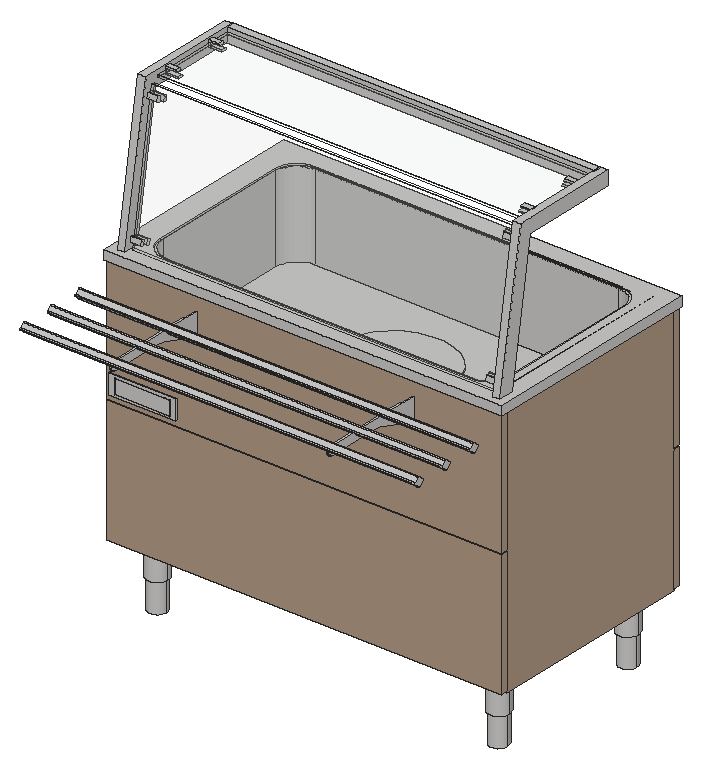
Revit family "QF_ELECTROLUXPROFESSIONAL_322094_F11C3AF01W", category Specialty Equipment, Revit 2018
Family settings
  Round Connector Dimension = Use Diameter
  Part Type = Normal
  Work Plane-Based = No
  Always vertical = Yes
  Cut with Voids When Loaded = No
  Shared = No
  Room Calculation Point = No
Parameters (values of type "Standard")
  Weight = 133.00 kg
  Watts = 0 W
  Volts = 220 V
  URL Manufacturer = "http://professional.electrolux.com"
  URL = "http://professional.electrolux.com"
  Steam Supply Size = 0 mm
  Steam Supply Minimum Pressure = 0.0 Pa
  Steam Supply Maximum Pressure = 0.0 Pa
  Steam Pounds per Hour = 0
  Show Clearance [instance] = yes
  Refrigeration Suction Line Size = 0 mm
  Refrigeration Liquid Line Size = 0 mm
  Refrigerant Compressor Remote = yes
  Manufacturer = "Electrolux Professional"
  Phase = 1
  Model = "F11C3AF01W"
  Length Actual = 1100 mm  # constant formula
  Item Number = "322094"
  Hot Water Size = 0 mm
  Height Actual = 1304 mm  # constant formula
  HP = "0 HP"
  Gas Size = 0 mm
  Gas KW = 0
  Gas Input Pressure = 0 W
  Direct Waste Size = 19.05 mm
  Description = "REFRIGERATED WELL, STATIC WITH FAN, 3GN H=900MM OVERSHELF W/LED LIGHTS"
  Depth Actual = 915 mm  # constant formula
  Cycle = 50 Hz
  Condensate Return Size = 0 mm
  Compressed Air Volume = 0.0 L/s
  Compressed Air Size = 0 mm
  Compressed Air Pressure = 0.0 Pa
  Cold Water Size = 0 mm
  Accessory = yes
Values of the unnamed type that differ from the named types
  Volts = 0 V
  URL Manufacturer = ""
  Item Number = ""
  Cycle = 0 Hz
Reference planes
  plane 1 "Centro (Fronte/Retro)": y = 74.737
  plane 2: z = 0
  plane 3 "BACK": y = 384.737
  plane 4 "FRONT": y = -235.263
  plane 5: z = 900
  plane 6 "RIGHT": x = 35.731
  plane 7 "LEFT": x = -1064.269
  plane 8: x = -514.269
  plane 9: y = 664.737
  plane 10: y = -530.02
  plane 11: z = 178
  plane 12: z = 1304
  plane 13: z = 1222
  plane 14: y = 297.737
  plane 15: y = -148.263
  plane 16: x = -986.269
  plane 17: x = -42.269
  plane 18: x = -1060.269
  plane 19: y = -231.263
  plane 20: x = 31.731
  plane 21: y = 380.737
  plane 22: z = 874
  plane 23: y = 362.737
  plane 24: y = -213.263
  plane 25: z = 182
  plane 26: z = 527
  plane 27: z = 531
  plane 28: x = -212.269
  plane 29: x = -816.269
  plane 30: x = -1042.394
  plane 31: x = 13.856
  plane 32: x = -6.144
  plane 33: x = -1022.394
  plane 34: x = -1014.269
  plane 35: x = -14.269
  plane 36: y = 130.237
  plane 37: y = 19.237
  plane 38: y = 33.237
  plane 39: y = 116.237
  plane 40: x = -952.269
  plane 41: x = -69.269
Forms (mm)
  Extrusion 1, solid, material "QF_Finishes_Wood"
    sketch origin (0, 0, 0) x (1, 0, 0) y (0, 1, 0)
      loop
        line (-1060.269, 362.737) -> (-1060.269, -213.263) -> (31.731, -213.263) -> (31.731, 362.737) -> (-1060.269, 362.737)
    from 178 to 874
  Extrusion 2, solid, material "QF_Finishes_Wood"
    sketch origin (31.731, 362.737, 0) x (0, -1, 0) y (0, 0, -1)
      loop
        line (576, -182) -> (576, -527) -> (594, -527) -> (594, -182) -> (576, -182)
      loop
        line (576, -531) -> (576, -874) -> (594, -874) -> (594, -531) -> (576, -531)
    from 0 to -1092
  Extrusion 3, solid, material "QF_Finishes_Wood"
    sketch origin (31.731, -213.263, 0) x (0, 1, 0) y (0, 0, 1)
      loop
        line (576, 531) -> (594, 531) -> (594, 874) -> (576, 874) -> (576, 531)
    from 0 to -1092
  Extrusion 4, solid, material "QF_Finishes_Stainless Steel"
    sketch origin (0, 0, 0) x (1, 0, 0) y (0, 1, 0)
      loop
        line (-1064.269, 384.737) -> (-1064.269, -235.263) -> (35.731, -235.263) -> (35.731, 384.737) -> (-1064.269, 384.737)
    from 874 to 900
  Extrusion 5, solid, material "QF_Finishes_Stainless Steel"
    sketch origin (-217.269, 362.737, 0) x (0, -1, 0) y (0, 0, -1)
      loop
        arc (628.84, -832.7) -> (632.082, -833.911) -> (635.519, -834.32) r 14.5
        line (635.519, -834.32) -> (675.715, -834.32) -> (689.858, -820.177) -> (704, -834.32) -> (770.715, -834.32) -> (784.858, -820.177) -> (799, -834.32) -> (865.716, -834.32) -> (879.858, -820.177) -> (887.686, -828.005) -> (887.686, -821.352)
        arc (887.686, -821.352) -> (887.303, -819.435) -> (886.214, -817.81) r 4.999
        line (886.214, -817.81) -> (881.179, -812.776)
        arc (881.179, -812.776) -> (879.559, -811.698) -> (877.651, -811.32) r 5
        line (877.651, -811.32) -> (732.206, -811.32)
        arc (732.206, -811.32) -> (708.662, -809.221) -> (685.86, -802.991) r 133.106
        line (685.86, -802.991) -> (638.285, -785.32) -> (597.679, -770.12) -> (594, -770.12) -> (594, -832.7) -> (628.84, -832.7)
    from 0 to 5
  Extrusion 6, void
    sketch origin (0, 0, 0) x (1, 0, 0) y (0, 1, 0)
      loop
        line (-999.269, 273.737) -> (-999.269, -124.263)
        arc (-999.269, -124.263) -> (-981.402, -167.396) -> (-938.269, -185.263) r 61
        line (-938.269, -185.263) -> (-90.269, -185.263)
        arc (-90.269, -185.263) -> (-47.135, -167.396) -> (-29.269, -124.263) r 61
        line (-29.269, -124.263) -> (-29.269, 273.737)
        arc (-29.269, 273.737) -> (-47.135, 316.871) -> (-90.269, 334.737) r 61
        line (-90.269, 334.737) -> (-938.269, 334.737)
        arc (-938.269, 334.737) -> (-981.402, 316.871) -> (-999.269, 273.737) r 61
    from 580.121 to 900
  Extrusion 7, solid, material "QF_Finishes_Wood"
    sketch origin (419.731, -213.263, -348) x (0, 1, 0) y (0, 0, 1)
      loop
        line (576, 530) -> (594, 530) -> (594, 875) -> (576, 875) -> (576, 530)
    from -388 to -658.044
  Extrusion 8, solid, material "QF_Finishes_Wood"
    sketch origin (-234.269, -213.263, -348) x (0, 1, 0) y (0, 0, 1)
      loop
        line (576, 530) -> (594, 530) -> (594, 875) -> (576, 875) -> (576, 530)
    from -548.963 to -826
  Extrusion 9, solid, material "QF_Door-Drawer Clearances", visible <- "Show Clearance"
    sketch origin (0, -4, 0) x (1, 0, 0) y (0, 1, 0)
      loop
        line (-783.232, 384.737) -> (-238.312, 384.737) -> (-710.987, 657.636)
        arc (-710.987, 657.636) -> (-765.12, 525.955) -> (-783.232, 384.737) r 544.001
    from 182 to 527
  Extrusion 10, solid, material "QF_Finishes_Stainless Steel"
    sketch origin (-816.269, 362.737, 0) x (0, -1, 0) y (0, 0, -1)
      loop
        arc (628.84, -832.7) -> (632.082, -833.911) -> (635.519, -834.32) r 14.5
        line (635.519, -834.32) -> (675.715, -834.32) -> (689.858, -820.177) -> (704, -834.32) -> (770.715, -834.32) -> (784.858, -820.177) -> (799, -834.32) -> (865.716, -834.32) -> (879.858, -820.177) -> (887.686, -828.005) -> (887.686, -821.352)
        arc (887.686, -821.352) -> (887.303, -819.435) -> (886.214, -817.81) r 4.999
        line (886.214, -817.81) -> (881.179, -812.776)
        arc (881.179, -812.776) -> (879.559, -811.698) -> (877.651, -811.32) r 5
        line (877.651, -811.32) -> (732.206, -811.32)
        arc (732.206, -811.32) -> (708.662, -809.221) -> (685.86, -802.991) r 133.106
        line (685.86, -802.991) -> (638.285, -785.32) -> (597.679, -770.12) -> (594, -770.12) -> (594, -832.7) -> (628.84, -832.7)
    from 0 to 5
  Extrusion 11, solid, material "QF_Finishes_Stainless Steel"
    sketch origin (31.731, 362.737, 0) x (0, -1, 0) y (0, 0, -1)
      loop
        line (881.983, -846.337) -> (891.875, -836.445)
        arc (891.875, -836.445) -> (892.757, -834.322) -> (891.879, -832.198) r 3
        line (891.879, -832.198) -> (881.979, -822.299)
        arc (881.979, -822.299) -> (879.858, -821.42) -> (877.737, -822.299) r 3
        line (877.737, -822.299) -> (867.837, -832.198)
        arc (867.837, -832.198) -> (866.958, -834.32) -> (867.837, -836.441) r 3
        line (867.837, -836.441) -> (877.737, -846.34)
        arc (877.737, -846.34) -> (879.86, -847.219) -> (881.983, -846.337) r 3
      loop
        line (786.979, -846.34) -> (796.879, -836.441)
        arc (796.879, -836.441) -> (797.757, -834.32) -> (796.879, -832.198) r 3
        line (796.879, -832.198) -> (786.979, -822.299)
        arc (786.979, -822.299) -> (784.858, -821.42) -> (782.737, -822.299) r 3
        line (782.737, -822.299) -> (772.837, -832.198)
        arc (772.837, -832.198) -> (771.958, -834.317) -> (772.833, -836.437) r 3
        line (772.833, -836.437) -> (782.741, -846.345)
        arc (782.741, -846.345) -> (784.861, -847.219) -> (786.979, -846.34) r 3
      loop
        line (691.976, -846.343) -> (701.882, -836.438)
        arc (701.882, -836.438) -> (702.757, -834.318) -> (701.879, -832.198) r 3
        line (701.879, -832.198) -> (691.979, -822.299)
        arc (691.979, -822.299) -> (689.858, -821.42) -> (687.737, -822.299) r 3
        line (687.737, -822.299) -> (677.837, -832.198)
        arc (677.837, -832.198) -> (676.958, -834.32) -> (677.837, -836.441) r 3
        line (677.837, -836.441) -> (687.737, -846.34)
        arc (687.737, -846.34) -> (689.856, -847.219) -> (691.976, -846.343) r 3
    from 0 to -1092
  Extrusion 12, solid, material "QF_Finishes_Stainless Steel"
    sketch origin (31.731, 362.737, 0) x (0, -1, 0) y (0, 0, -1)
      loop
        line (206.477, -1264.379) -> (206.477, -1304) -> (507.108, -1304) -> (578.344, -900) -> (537.727, -900) -> (473.477, -1264.379) -> (206.477, -1264.379)
    from -17.875 to -37.875
  Extrusion 13, solid, material "QF_Finishes_Stainless Steel"
    sketch origin (-895.269, 362.737, 0) x (0, -1, 0) y (0, 0, 1)
      loop
        line (206.477, 1264.379) -> (473.477, 1264.379) -> (537.727, 900) -> (578.344, 900) -> (507.108, 1304) -> (206.477, 1304) -> (206.477, 1264.379)
    from 147.125 to 127.125
  Extrusion 14, solid, material "QF_Finishes_Glass"
    sketch origin (-133.269, -231.263, 531) x (0, 0, 1) y (-1, 0, 0)
      loop
        line (757.879, -119) -> (765.879, -119) -> (765.879, 881) -> (757.879, 881) -> (757.879, -119)
    from -361.5 to -120.204
  Extrusion 15, solid, material "QF_Finishes_Stainless Steel"
    sketch origin (0, 0, 0) x (1, 0, 0) y (0, 1, 0)
      loop
        line (-1022.394, 156.26) -> (-1022.394, 136.26) -> (-6.144, 136.26) -> (-6.144, 156.26) -> (-1022.394, 156.26)
    from 1264.379 to 1304
  Extrusion 16, solid, material "QF_Finishes_Glass"
    sketch origin (-133.269, 362.737, 0) x (0, -1, 0) y (0, 0, -1)
      loop
        line (494.569, -1282.974) -> (562.097, -900) -> (553.974, -900) -> (486.445, -1282.974) -> (494.569, -1282.974)
    from 119 to -881
  Extrusion 17, solid, material "QF_Finishes_Wood"
    sketch origin (314.688, -213.263, -348) x (0, 1, 0) y (0, 0, 1)
      loop
        line (576, 530) -> (594, 530) -> (594, 875) -> (576, 875) -> (576, 530)
    from -553 to -1097.92
  Extrusion 18, solid, material "QF_Finishes_Stainless Steel"
    sketch origin (-283.269, -64.263, 531) x (0, 0, 1) y (-1, 0, 0)
      loop
        line (765.879, 706.5) -> (770.879, 708.5) -> (770.879, 739.125) -> (750.879, 739.125) -> (750.879, 731) -> (751.974, 731) -> (751.974, 700.938) -> (755.879, 702.5) -> (755.879, 732) -> (765.879, 732) -> (765.879, 706.5)
    from 0 to 14
  Extrusion 19, solid, material "QF_Finishes_Stainless Steel"
    sketch origin (-283.269, 85.737, 531) x (0, 0, 1) y (-1, 0, 0)
      loop
        line (765.879, 706.5) -> (770.879, 708.5) -> (770.879, 739.125) -> (750.879, 739.125) -> (750.879, 731) -> (751.974, 731) -> (751.974, 700.938) -> (755.879, 702.5) -> (755.879, 732) -> (765.879, 732) -> (765.879, 706.5)
    from 0 to 14
  Extrusion 20, solid, material "QF_Finishes_Stainless Steel"
    sketch origin (-745.269, -64.263, 531) x (0, 0, 1) y (-1, 0, 0)
      loop
        line (765.879, -706.5) -> (765.879, -732) -> (755.879, -732) -> (755.879, -702.5) -> (751.974, -700.938) -> (751.974, -731) -> (750.879, -731) -> (750.879, -739.125) -> (770.879, -739.125) -> (770.879, -708.5) -> (765.879, -706.5)
    from 0 to 14
  Extrusion 21, solid, material "QF_Finishes_Stainless Steel"
    sketch origin (-745.269, 85.737, 531) x (0, 0, 1) y (-1, 0, 0)
      loop
        line (765.879, -706.5) -> (765.879, -732) -> (755.879, -732) -> (755.879, -702.5) -> (751.974, -700.938) -> (751.974, -731) -> (750.879, -731) -> (750.879, -739.125) -> (770.879, -739.125) -> (770.879, -708.5) -> (765.879, -706.5)
    from 0 to 14
  Extrusion 22, solid, material "QF_Finishes_Stainless Steel"
    sketch origin (-745.269, 619.458, 1129.907) x (0, -0.984808, 0.173648) y (-1, 0, 0)
      loop
        line (765.879, -706.5) -> (765.879, -732) -> (755.879, -732) -> (755.879, -702.5) -> (751.974, -700.938) -> (751.974, -731) -> (750.879, -731) -> (750.879, -739.125) -> (770.879, -739.125) -> (770.879, -708.5) -> (765.879, -706.5)
    from 0 to 14
  Extrusion 23, solid, material "QF_Finishes_Stainless Steel"
    sketch origin (-283.269, 619.458, 1129.907) x (0, -0.984808, 0.173648) y (-1, 0, 0)
      loop
        line (765.879, 706.5) -> (770.879, 708.5) -> (770.879, 739.125) -> (750.879, 739.125) -> (750.879, 731) -> (751.974, 731) -> (751.974, 700.938) -> (755.879, 702.5) -> (755.879, 732) -> (765.879, 732) -> (765.879, 706.5)
    from 0 to 14
  Extrusion 24, solid, material "QF_Finishes_Stainless Steel"
    sketch origin (-745.269, 562.154, 799.389) x (0, -0.984808, 0.173648) y (-1, 0, 0)
      loop
        line (765.879, -706.5) -> (765.879, -732) -> (755.879, -732) -> (755.879, -702.5) -> (751.974, -700.938) -> (751.974, -731) -> (750.879, -731) -> (750.879, -739.125) -> (770.879, -739.125) -> (770.879, -708.5) -> (765.879, -706.5)
    from 0 to 14
  Extrusion 25, solid, material "QF_Finishes_Stainless Steel"
    sketch origin (-283.269, 562.154, 799.389) x (0, -0.984808, 0.173648) y (-1, 0, 0)
      loop
        line (765.879, 706.5) -> (770.879, 708.5) -> (770.879, 739.125) -> (750.879, 739.125) -> (750.879, 731) -> (751.974, 731) -> (751.974, 700.938) -> (755.879, 702.5) -> (755.879, 732) -> (765.879, 732) -> (765.879, 706.5)
    from 0 to 14
  Extrusion 26, solid, material "QF_Finishes_Stainless Steel"
    sketch origin (-1193.537, 0, 0) x (-1, 0, 0) y (0, -1, 0)
      loop
        circle (-196.269, -124.737) r 10
    from 178 to 166
  Extrusion 27, solid, material "QF_Finishes_Stainless Steel"
    sketch origin (-1193.537, 149.474, 0) x (-1, 0, 0) y (0, -1, 0)
      loop
        circle (-196.269, 124.737) r 10
    from 178 to 166
Cuts and joins
  Extrusion 6 cuts Extrusion 1
  Extrusion 6 cuts Extrusion 4
Lines and regions (mm)
  symbolic lines
    curve 1: line (35.731, 384.737, 0) -> (35.731, -235.263, 0)
    curve 2: line (-1064.269, -235.263, 0) -> (-1064.269, 384.737, 0)
    curve 3: line (-1064.269, 384.737, 0) -> (35.731, 384.737, 0)
    curve 4: line (-1064.269, -235.263, 0) -> (35.731, -235.263, 0)
    curve 5: line (-14.269, -64.263, 0) -> (-14.269, 71.737, 0)
    curve 6: line (-1014.269, 71.737, 0) -> (-1014.269, -64.263, 0)
    curve 7: line (-1042.394, 156.26, 0) -> (13.856, 156.26, 0)
    curve 8: line (13.856, 156.26, 0) -> (13.856, -215.607, 0)
    curve 9: line (13.856, -215.607, 0) -> (-6.144, -215.607, 0)
    curve 10: line (-6.144, -215.607, 0) -> (-6.144, 156.26, 0)
    curve 11: line (-6.144, 136.26, 0) -> (-1022.394, 136.26, 0)
    curve 12: line (-1022.394, 156.26, 0) -> (-1022.394, -215.607, 0)
    curve 13: line (-1022.394, -215.607, 0) -> (-1042.394, -215.607, 0)
    curve 14: line (-1042.394, -215.607, 0) -> (-1042.394, 156.26, 0)
    curve 15: line (-1042.394, -144.371, 0) -> (-1022.394, -144.371, 0)
    curve 16: line (-6.144, -144.371, 0) -> (13.856, -144.371, 0)
    curve 17: line (-1014.269, 130.237, 0) -> (-1014.269, 85.737, 0)
    curve 18: line (-1014.269, 130.237, 0) -> (-14.269, 130.237, 0)
    curve 19: line (-14.269, 130.237, 0) -> (-14.269, 85.737, 0)
    curve 20: line (-14.269, -78.263, 0) -> (-14.269, -111.059, 0)
    curve 21: line (-6.144, 85.737, 0) -> (-44.331, 85.737, 0)
    curve 22: line (-44.331, 85.737, 0) -> (-44.331, 71.737, 0)
    curve 23: line (-44.331, 71.737, 0) -> (-6.144, 71.737, 0)
    curve 24: line (-6.144, -64.263, 0) -> (-44.331, -64.263, 0)
    curve 25: line (-44.331, -64.263, 0) -> (-44.331, -78.263, 0)
    curve 26: line (-44.331, -78.263, 0) -> (-6.144, -78.263, 0)
    curve 27: line (-1022.394, -64.263, 0) -> (-989.769, -64.263, 0)
    curve 28: line (-989.769, -64.263, 0) -> (-989.769, -78.263, 0)
    curve 29: line (-989.769, -78.263, 0) -> (-1022.394, -78.263, 0)
    curve 30: line (-1022.394, 85.737, 0) -> (-989.769, 85.737, 0)
    curve 31: line (-989.769, 85.737, 0) -> (-989.769, 71.737, 0)
    curve 32: line (-989.769, 71.737, 0) -> (-1022.394, 71.737, 0)
    curve 33: line (-1022.394, -142.14, 0) -> (-991.769, -142.14, 0)
    curve 34: line (-991.769, -142.14, 0) -> (-991.769, -139.709, 0)
    curve 35: line (-991.769, -139.709, 0) -> (-1022.394, -139.709, 0)
    curve 36: line (-991.769, -142.14, 0) -> (-989.769, -137.216, 0)
    curve 37: line (-1015.269, -134.785, 0) -> (-989.769, -134.785, 0)
    curve 38: line (-1015.269, -134.785, 0) -> (-1015.269, -124.937, 0)
    curve 39: line (-1015.269, -124.937, 0) -> (-1014.269, -124.937, 0)
    curve 40: line (-1015.269, -127.368, 0) -> (-1014.269, -127.368, 0)
    curve 41: line (-1022.394, -120.013, 0) -> (-1014.269, -120.013, 0)
    curve 42: line (-1014.269, -120.013, 0) -> (-1014.269, -121.091, 0)
    curve 43: line (-984.207, -121.091, 0) -> (-984.207, -123.708, 0)
    curve 44: line (-984.207, -121.091, 0) -> (-985.269, -123.708, 0)
    curve 45: line (-991.769, -139.709, 0) -> (-989.769, -134.785, 0)
    curve 46: line (-989.769, -134.785, 0) -> (-989.769, -137.216, 0)
    curve 47: line (-1014.269, -123.708, 0) -> (-1014.269, -134.785, 0)
    curve 48: line (-14.269, -131.831, 0) -> (-14.269, -123.708, 0)
    curve 49: line (-14.269, -123.708, 0) -> (-1014.269, -123.708, 0)
    curve 50: line (-6.144, -142.14, 0) -> (-36.769, -142.14, 0)
    curve 51: line (-36.769, -142.14, 0) -> (-36.769, -139.709, 0)
    curve 52: line (-36.769, -139.709, 0) -> (-6.144, -139.709, 0)
    curve 53: line (-36.769, -142.14, 0) -> (-38.769, -137.216, 0)
    curve 54: line (-13.269, -134.785, 0) -> (-38.769, -134.785, 0)
    curve 55: line (-13.269, -134.785, 0) -> (-13.269, -124.937, 0)
    curve 56: line (-13.269, -124.937, 0) -> (-14.269, -124.937, 0)
    curve 57: line (-13.269, -127.368, 0) -> (-14.269, -127.368, 0)
    curve 58: line (-6.144, -120.013, 0) -> (-14.269, -120.013, 0)
    curve 59: line (-14.269, -120.013, 0) -> (-14.269, -121.091, 0)
    curve 60: line (-44.331, -121.091, 0) -> (-44.331, -123.708, 0)
    curve 61: line (-44.331, -121.091, 0) -> (-43.268, -123.708, 0)
    curve 62: line (-36.769, -139.709, 0) -> (-38.769, -134.785, 0)
    curve 63: line (-38.769, -134.785, 0) -> (-38.769, -137.216, 0)
    curve 64: line (-14.269, -123.708, 0) -> (-14.269, -134.785, 0)
    curve 65: line (-1014.269, -142.14, 0) -> (-1014.269, -192.089, 0)
    curve 66: line (-1014.269, -177.317, 0) -> (-1022.394, -177.317, 0)
    curve 67: line (-1014.269, -182.241, 0) -> (-1015.269, -182.241, 0)
    curve 68: line (-1015.269, -184.672, 0) -> (-1014.269, -184.672, 0)
    curve 69: line (-1015.269, -182.241, 0) -> (-1015.269, -192.089, 0)
    curve 70: line (-1015.269, -192.089, 0) -> (-989.779, -192.089, 0)
    curve 71: line (-991.769, -197.013, 0) -> (-989.779, -192.089, 0)
    curve 72: line (-989.779, -192.089, 0) -> (-989.779, -194.52, 0)
    curve 73: line (-991.769, -199.444, 0) -> (-989.779, -194.52, 0)
    curve 74: line (-991.769, -197.013, 0) -> (-991.769, -199.444, 0)
    curve 75: line (-1022.394, -199.444, 0) -> (-991.769, -199.444, 0)
    curve 76: line (-991.769, -197.013, 0) -> (-1022.394, -197.013, 0)
    curve 77: line (-14.269, -177.317, 0) -> (-6.144, -177.317, 0)
    curve 78: line (-14.269, -182.241, 0) -> (-13.269, -182.241, 0)
    curve 79: line (-13.269, -184.672, 0) -> (-14.269, -184.672, 0)
    curve 80: line (-13.269, -182.241, 0) -> (-13.269, -192.089, 0)
    curve 81: line (-13.269, -192.089, 0) -> (-38.758, -192.089, 0)
    curve 82: line (-36.769, -197.013, 0) -> (-38.758, -192.089, 0)
    curve 83: line (-38.758, -192.089, 0) -> (-38.758, -194.52, 0)
    curve 84: line (-36.769, -199.444, 0) -> (-38.758, -194.52, 0)
    curve 85: line (-36.769, -197.013, 0) -> (-36.769, -199.444, 0)
    curve 86: line (-6.144, -199.444, 0) -> (-36.769, -199.444, 0)
    curve 87: line (-36.769, -197.013, 0) -> (-6.144, -197.013, 0)
    curve 88: line (-991.735, -199.36, 0) -> (-36.803, -199.36, 0)
    curve 89: line (-1014.269, -78.263, 0) -> (-1014.269, -111.059, 0)
    curve 90: line (-1014.269, -111.059, 0) -> (-14.269, -111.059, 0)
    curve 91: line (-1014.269, -131.831, 0) -> (-14.269, -131.831, 0)
    curve 92: line (-14.269, -142.14, 0) -> (-14.269, -192.089, 0)
    curve 93: line (-44.331, -121.091, 0) -> (-14.269, -121.091, 0)
    curve 94: line (-1014.269, -121.091, 0) -> (-984.207, -121.091, 0)
    curve 95: line (-34.269, 136.26, 0) -> (-34.269, 130.237, 0)
    curve 96: line (-29.269, 136.26, 0) -> (-29.269, 130.237, 0)
    curve 97: line (-999.269, 136.26, 0) -> (-999.269, 130.237, 0)
    curve 98: line (-994.269, 130.237, 0) -> (-994.269, 136.26, 0)
    curve 102: line (-1064.269, -235.263, 0) -> (-1064.269, -530.02, 0)
    curve 103: line (-1064.269, -530.02, 0) -> (35.731, -530.02, 0)
    curve 104: line (35.731, -530.02, 0) -> (35.731, -235.263, 0)
    curve 115: arc (-511.375, 74.737, 900) -> (-514.375, 71.737, 900) -> (-517.375, 74.737, 900) r 3
    curve 116: arc (-517.375, 74.737, 900) -> (-514.375, 77.737, 900) -> (-511.375, 74.737, 900) r 3
    curve 117: arc (-511.375, 54.737, 900) -> (-514.375, 51.737, 900) -> (-517.375, 54.737, 900) r 3
    curve 118: arc (-517.375, 54.737, 900) -> (-514.375, 57.737, 900) -> (-511.375, 54.737, 900) r 3
    curve 119: arc (-511.375, 34.737, 900) -> (-514.375, 31.737, 900) -> (-517.375, 34.737, 900) r 3
    curve 120: arc (-517.375, 34.737, 900) -> (-514.375, 37.737, 900) -> (-511.375, 34.737, 900) r 3
    curve 121: arc (-511.375, 14.737, 900) -> (-514.375, 11.737, 900) -> (-517.375, 14.737, 900) r 3
    curve 122: arc (-517.375, 14.737, 900) -> (-514.375, 17.737, 900) -> (-511.375, 14.737, 900) r 3
    curve 123: arc (-525.504, 15.416, 900) -> (-528.504, 12.416, 900) -> (-531.504, 15.416, 900) r 3
    curve 124: arc (-531.504, 15.416, 900) -> (-528.504, 18.416, 900) -> (-525.504, 15.416, 900) r 3
    curve 125: arc (-521.795, 34.792, 900) -> (-524.795, 31.792, 900) -> (-527.795, 34.792, 900) r 3
    curve 126: arc (-527.795, 34.792, 900) -> (-524.795, 37.792, 900) -> (-521.795, 34.792, 900) r 3
    curve 127: arc (-525.029, 56.259, 900) -> (-522.029, 59.259, 900) -> (-519.029, 56.259, 900) r 3
    curve 128: arc (-519.029, 56.259, 900) -> (-522.029, 53.259, 900) -> (-525.029, 56.259, 900) r 3
    curve 129: arc (-531.517, 60.595, 900) -> (-528.517, 63.595, 900) -> (-525.517, 60.595, 900) r 3
    curve 130: arc (-525.517, 60.595, 900) -> (-528.517, 57.595, 900) -> (-531.517, 60.595, 900) r 3
    curve 131: arc (-545.659, 46.453, 900) -> (-542.659, 49.453, 900) -> (-539.659, 46.453, 900) r 3
    curve 132: arc (-539.659, 46.453, 900) -> (-542.659, 43.453, 900) -> (-545.659, 46.453, 900) r 3
    curve 133: arc (-537.463, 38.203, 900) -> (-534.463, 41.203, 900) -> (-531.463, 38.203, 900) r 3
    curve 134: arc (-531.463, 38.203, 900) -> (-534.463, 35.203, 900) -> (-537.463, 38.203, 900) r 3
    curve 135: arc (-545.258, 19.785, 900) -> (-542.258, 22.785, 900) -> (-539.258, 19.785, 900) r 3
    curve 136: arc (-539.258, 19.785, 900) -> (-542.258, 16.785, 900) -> (-545.258, 19.785, 900) r 3
    curve 137: arc (-570.696, 60.608, 900) -> (-573.696, 57.608, 900) -> (-576.696, 60.608, 900) r 3
    curve 138: arc (-576.696, 60.608, 900) -> (-573.696, 63.608, 900) -> (-570.696, 60.608, 900) r 3
    curve 139: arc (-572.327, 46.854, 900) -> (-569.327, 49.854, 900) -> (-566.327, 46.854, 900) r 3
    curve 140: arc (-566.327, 46.854, 900) -> (-569.327, 43.854, 900) -> (-572.327, 46.854, 900) r 3
    curve 141: arc (-564.827, 36.943, 900) -> (-561.827, 39.943, 900) -> (-558.827, 36.943, 900) r 3
    curve 142: arc (-558.827, 36.943, 900) -> (-561.827, 33.943, 900) -> (-564.827, 36.943, 900) r 3
    curve 143: arc (-555.659, 29.132, 900) -> (-552.659, 32.132, 900) -> (-549.659, 29.132, 900) r 3
    curve 144: arc (-549.659, 29.132, 900) -> (-552.659, 26.132, 900) -> (-555.659, 29.132, 900) r 3
    curve 145: arc (-557.32, 64.317, 900) -> (-554.32, 67.317, 900) -> (-551.32, 64.317, 900) r 3
    curve 146: arc (-551.32, 64.317, 900) -> (-554.32, 61.317, 900) -> (-557.32, 64.317, 900) r 3
    curve 147: arc (-553.909, 54.649, 900) -> (-550.909, 57.649, 900) -> (-547.909, 54.649, 900) r 3
    curve 148: arc (-547.909, 54.649, 900) -> (-550.909, 51.649, 900) -> (-553.909, 54.649, 900) r 3
    curve 149: arc (-529.852, 67.083, 900) -> (-532.852, 64.083, 900) -> (-535.852, 67.083, 900) r 3
    curve 150: arc (-535.852, 67.083, 900) -> (-532.852, 70.083, 900) -> (-529.852, 67.083, 900) r 3
    curve 151: arc (-537.375, 74.737, 900) -> (-534.375, 77.737, 900) -> (-531.375, 74.737, 900) r 3
    curve 152: arc (-531.375, 74.737, 900) -> (-534.375, 71.737, 900) -> (-537.375, 74.737, 900) r 3
    curve 153: arc (-557.375, 74.737, 900) -> (-554.375, 77.737, 900) -> (-551.375, 74.737, 900) r 3
    curve 154: arc (-551.375, 74.737, 900) -> (-554.375, 71.737, 900) -> (-557.375, 74.737, 900) r 3
    curve 155: arc (-577.375, 74.737, 900) -> (-574.375, 77.737, 900) -> (-571.375, 74.737, 900) r 3
    curve 156: arc (-571.375, 74.737, 900) -> (-574.375, 71.737, 900) -> (-577.375, 74.737, 900) r 3
    curve 157: arc (-525.504, 134.058, 900) -> (-528.504, 137.058, 900) -> (-531.504, 134.058, 900) r 3
    curve 158: arc (-531.504, 134.058, 900) -> (-528.504, 131.058, 900) -> (-525.504, 134.058, 900) r 3
    curve 159: arc (-521.795, 114.682, 900) -> (-524.795, 117.682, 900) -> (-527.795, 114.682, 900) r 3
    curve 160: arc (-527.795, 114.682, 900) -> (-524.795, 111.682, 900) -> (-521.795, 114.682, 900) r 3
    curve 161: arc (-525.029, 93.215, 900) -> (-522.029, 90.215, 900) -> (-519.029, 93.215, 900) r 3
    curve 162: arc (-519.029, 93.215, 900) -> (-522.029, 96.215, 900) -> (-525.029, 93.215, 900) r 3
    curve 163: arc (-531.517, 88.879, 900) -> (-528.517, 85.879, 900) -> (-525.517, 88.879, 900) r 3
    curve 164: arc (-525.517, 88.879, 900) -> (-528.517, 91.879, 900) -> (-531.517, 88.879, 900) r 3
    curve 165: arc (-545.659, 103.021, 900) -> (-542.659, 100.021, 900) -> (-539.659, 103.021, 900) r 3
    curve 166: arc (-539.659, 103.021, 900) -> (-542.659, 106.021, 900) -> (-545.659, 103.021, 900) r 3
    curve 167: arc (-537.463, 111.271, 900) -> (-534.463, 108.271, 900) -> (-531.463, 111.271, 900) r 3
    curve 168: arc (-531.463, 111.271, 900) -> (-534.463, 114.271, 900) -> (-537.463, 111.271, 900) r 3
    curve 169: arc (-545.258, 129.69, 900) -> (-542.258, 126.69, 900) -> (-539.258, 129.69, 900) r 3
    curve 170: arc (-539.258, 129.69, 900) -> (-542.258, 132.69, 900) -> (-545.258, 129.69, 900) r 3
    curve 171: arc (-570.696, 88.866, 900) -> (-573.696, 91.866, 900) -> (-576.696, 88.866, 900) r 3
    curve 172: arc (-576.696, 88.866, 900) -> (-573.696, 85.866, 900) -> (-570.696, 88.866, 900) r 3
    curve 173: arc (-572.327, 102.621, 900) -> (-569.327, 99.621, 900) -> (-566.327, 102.621, 900) r 3
    curve 174: arc (-566.327, 102.621, 900) -> (-569.327, 105.621, 900) -> (-572.327, 102.621, 900) r 3
    curve 175: arc (-564.827, 112.531, 900) -> (-561.827, 109.531, 900) -> (-558.827, 112.531, 900) r 3
    curve 176: arc (-558.827, 112.531, 900) -> (-561.827, 115.531, 900) -> (-564.827, 112.531, 900) r 3
    curve 177: arc (-555.659, 120.342, 900) -> (-552.659, 117.342, 900) -> (-549.659, 120.342, 900) r 3
    curve 178: arc (-549.659, 120.342, 900) -> (-552.659, 123.342, 900) -> (-555.659, 120.342, 900) r 3
    curve 179: arc (-557.32, 85.157, 900) -> (-554.32, 82.157, 900) -> (-551.32, 85.157, 900) r 3
    curve 180: arc (-551.32, 85.157, 900) -> (-554.32, 88.157, 900) -> (-557.32, 85.157, 900) r 3
    curve 181: arc (-553.909, 94.825, 900) -> (-550.909, 91.825, 900) -> (-547.909, 94.825, 900) r 3
    curve 182: arc (-547.909, 94.825, 900) -> (-550.909, 97.825, 900) -> (-553.909, 94.825, 900) r 3
    curve 183: arc (-529.852, 82.391, 900) -> (-532.852, 85.391, 900) -> (-535.852, 82.391, 900) r 3
    curve 184: arc (-535.852, 82.391, 900) -> (-532.852, 79.391, 900) -> (-529.852, 82.391, 900) r 3
    curve 185: arc (-511.375, 94.737, 900) -> (-514.375, 97.737, 900) -> (-517.375, 94.737, 900) r 3
    curve 186: arc (-517.375, 94.737, 900) -> (-514.375, 91.737, 900) -> (-511.375, 94.737, 900) r 3
    curve 187: arc (-511.375, 114.737, 900) -> (-514.375, 117.737, 900) -> (-517.375, 114.737, 900) r 3
    curve 188: arc (-517.375, 114.737, 900) -> (-514.375, 111.737, 900) -> (-511.375, 114.737, 900) r 3
    curve 189: arc (-511.375, 134.737, 900) -> (-514.375, 137.737, 900) -> (-517.375, 134.737, 900) r 3
    curve 190: arc (-517.375, 134.737, 900) -> (-514.375, 131.737, 900) -> (-511.375, 134.737, 900) r 3
    curve 191: arc (-503.246, 15.416, 900) -> (-500.246, 12.416, 900) -> (-497.246, 15.416, 900) r 3
    curve 192: arc (-497.246, 15.416, 900) -> (-500.246, 18.416, 900) -> (-503.246, 15.416, 900) r 3
    curve 193: arc (-506.955, 34.792, 900) -> (-503.955, 31.792, 900) -> (-500.955, 34.792, 900) r 3
    curve 194: arc (-500.955, 34.792, 900) -> (-503.955, 37.792, 900) -> (-506.955, 34.792, 900) r 3
    curve 195: arc (-503.721, 56.259, 900) -> (-506.721, 59.259, 900) -> (-509.721, 56.259, 900) r 3
    curve 196: arc (-509.721, 56.259, 900) -> (-506.721, 53.259, 900) -> (-503.721, 56.259, 900) r 3
    curve 197: arc (-497.233, 60.595, 900) -> (-500.233, 63.595, 900) -> (-503.233, 60.595, 900) r 3
    curve 198: arc (-503.233, 60.595, 900) -> (-500.233, 57.595, 900) -> (-497.233, 60.595, 900) r 3
    curve 199: arc (-483.091, 46.453, 900) -> (-486.091, 49.453, 900) -> (-489.091, 46.453, 900) r 3
    curve 200: arc (-489.091, 46.453, 900) -> (-486.091, 43.453, 900) -> (-483.091, 46.453, 900) r 3
    curve 201: arc (-491.287, 38.203, 900) -> (-494.287, 41.203, 900) -> (-497.287, 38.203, 900) r 3
    curve 202: arc (-497.287, 38.203, 900) -> (-494.287, 35.203, 900) -> (-491.287, 38.203, 900) r 3
    curve 203: arc (-483.491, 19.785, 900) -> (-486.491, 22.785, 900) -> (-489.491, 19.785, 900) r 3
    curve 204: arc (-489.491, 19.785, 900) -> (-486.491, 16.785, 900) -> (-483.491, 19.785, 900) r 3
    curve 205: arc (-458.054, 60.608, 900) -> (-455.054, 57.608, 900) -> (-452.054, 60.608, 900) r 3
    curve 206: arc (-452.054, 60.608, 900) -> (-455.054, 63.608, 900) -> (-458.054, 60.608, 900) r 3
    curve 207: arc (-456.422, 46.854, 900) -> (-459.422, 49.854, 900) -> (-462.422, 46.854, 900) r 3
    curve 208: arc (-462.422, 46.854, 900) -> (-459.422, 43.854, 900) -> (-456.422, 46.854, 900) r 3
    curve 209: arc (-463.922, 36.943, 900) -> (-466.922, 39.943, 900) -> (-469.922, 36.943, 900) r 3
    curve 210: arc (-469.922, 36.943, 900) -> (-466.922, 33.943, 900) -> (-463.922, 36.943, 900) r 3
    curve 211: arc (-473.091, 29.132, 900) -> (-476.091, 32.132, 900) -> (-479.091, 29.132, 900) r 3
    curve 212: arc (-479.091, 29.132, 900) -> (-476.091, 26.132, 900) -> (-473.091, 29.132, 900) r 3
    curve 213: arc (-471.43, 64.317, 900) -> (-474.43, 67.317, 900) -> (-477.43, 64.317, 900) r 3
    curve 214: arc (-477.43, 64.317, 900) -> (-474.43, 61.317, 900) -> (-471.43, 64.317, 900) r 3
    curve 215: arc (-474.841, 54.649, 900) -> (-477.841, 57.649, 900) -> (-480.841, 54.649, 900) r 3
    curve 216: arc (-480.841, 54.649, 900) -> (-477.841, 51.649, 900) -> (-474.841, 54.649, 900) r 3
    curve 217: arc (-498.897, 67.083, 900) -> (-495.897, 64.083, 900) -> (-492.897, 67.083, 900) r 3
    curve 218: arc (-492.897, 67.083, 900) -> (-495.897, 70.083, 900) -> (-498.897, 67.083, 900) r 3
    curve 219: arc (-491.375, 74.737, 900) -> (-494.375, 77.737, 900) -> (-497.375, 74.737, 900) r 3
    curve 220: arc (-497.375, 74.737, 900) -> (-494.375, 71.737, 900) -> (-491.375, 74.737, 900) r 3
    curve 221: arc (-471.375, 74.737, 900) -> (-474.375, 77.737, 900) -> (-477.375, 74.737, 900) r 3
    curve 222: arc (-477.375, 74.737, 900) -> (-474.375, 71.737, 900) -> (-471.375, 74.737, 900) r 3
    curve 223: arc (-451.375, 74.737, 900) -> (-454.375, 77.737, 900) -> (-457.375, 74.737, 900) r 3
    curve 224: arc (-457.375, 74.737, 900) -> (-454.375, 71.737, 900) -> (-451.375, 74.737, 900) r 3
    curve 225: arc (-503.246, 134.058, 900) -> (-500.246, 137.058, 900) -> (-497.246, 134.058, 900) r 3
    curve 226: arc (-497.246, 134.058, 900) -> (-500.246, 131.058, 900) -> (-503.246, 134.058, 900) r 3
    curve 227: arc (-506.955, 114.682, 900) -> (-503.955, 117.682, 900) -> (-500.955, 114.682, 900) r 3
    curve 228: arc (-500.955, 114.682, 900) -> (-503.955, 111.682, 900) -> (-506.955, 114.682, 900) r 3
    curve 229: arc (-503.721, 93.215, 900) -> (-506.721, 90.215, 900) -> (-509.721, 93.215, 900) r 3
    curve 230: arc (-509.721, 93.215, 900) -> (-506.721, 96.215, 900) -> (-503.721, 93.215, 900) r 3
    curve 231: arc (-497.233, 88.879, 900) -> (-500.233, 85.879, 900) -> (-503.233, 88.879, 900) r 3
    curve 232: arc (-503.233, 88.879, 900) -> (-500.233, 91.879, 900) -> (-497.233, 88.879, 900) r 3
    curve 233: arc (-483.091, 103.021, 900) -> (-486.091, 100.021, 900) -> (-489.091, 103.021, 900) r 3
    curve 234: arc (-489.091, 103.021, 900) -> (-486.091, 106.021, 900) -> (-483.091, 103.021, 900) r 3
    curve 235: arc (-491.287, 111.271, 900) -> (-494.287, 108.271, 900) -> (-497.287, 111.271, 900) r 3
    curve 236: arc (-497.287, 111.271, 900) -> (-494.287, 114.271, 900) -> (-491.287, 111.271, 900) r 3
    curve 237: arc (-483.491, 129.69, 900) -> (-486.491, 126.69, 900) -> (-489.491, 129.69, 900) r 3
    curve 238: arc (-489.491, 129.69, 900) -> (-486.491, 132.69, 900) -> (-483.491, 129.69, 900) r 3
    curve 239: arc (-458.054, 88.866, 900) -> (-455.054, 91.866, 900) -> (-452.054, 88.866, 900) r 3
    curve 240: arc (-452.054, 88.866, 900) -> (-455.054, 85.866, 900) -> (-458.054, 88.866, 900) r 3
    curve 241: arc (-456.422, 102.621, 900) -> (-459.422, 99.621, 900) -> (-462.422, 102.621, 900) r 3
    curve 242: arc (-462.422, 102.621, 900) -> (-459.422, 105.621, 900) -> (-456.422, 102.621, 900) r 3
    curve 243: arc (-463.922, 112.531, 900) -> (-466.922, 109.531, 900) -> (-469.922, 112.531, 900) r 3
    curve 244: arc (-469.922, 112.531, 900) -> (-466.922, 115.531, 900) -> (-463.922, 112.531, 900) r 3
    curve 245: arc (-473.091, 120.342, 900) -> (-476.091, 117.342, 900) -> (-479.091, 120.342, 900) r 3
    curve 246: arc (-479.091, 120.342, 900) -> (-476.091, 123.342, 900) -> (-473.091, 120.342, 900) r 3
    curve 247: arc (-471.43, 85.157, 900) -> (-474.43, 82.157, 900) -> (-477.43, 85.157, 900) r 3
    curve 248: arc (-477.43, 85.157, 900) -> (-474.43, 88.157, 900) -> (-471.43, 85.157, 900) r 3
    curve 249: arc (-474.841, 94.825, 900) -> (-477.841, 91.825, 900) -> (-480.841, 94.825, 900) r 3
    curve 250: arc (-480.841, 94.825, 900) -> (-477.841, 97.825, 900) -> (-474.841, 94.825, 900) r 3
    curve 251: arc (-498.897, 82.391, 900) -> (-495.897, 85.391, 900) -> (-492.897, 82.391, 900) r 3
    curve 252: arc (-492.897, 82.391, 900) -> (-495.897, 79.391, 900) -> (-498.897, 82.391, 900) r 3
  symbolic lines, style "QF_Door-Drawer Clearances"
    curve 99: line (-245.24, 384.737, 0) -> (-710.987, 653.636, 0)
    curve 100: arc (-710.987, 653.636, 0) -> (-764.605, 523.887, 0) -> (-783.232, 384.737, 0) r 544.001
    curve 101: line (-285.24, 384.737, 0) -> (-720.987, 636.316, 0)
  symbolic lines, style "SpecialityEquipmentHiddenLines"
    curve 105: line (-933.269, 329.737, 900) -> (-95.269, 329.737, 900)
    curve 106: arc (-95.269, 329.737, 900) -> (-52.135, 311.871, 900) -> (-34.269, 268.737, 900) r 61
    curve 107: line (-34.269, 268.737, 900) -> (-34.269, -119.263, 900)
    curve 108: arc (-34.269, -119.263, 900) -> (-52.135, -162.396, 900) -> (-95.269, -180.263, 900) r 61
    curve 109: line (-95.269, -180.263, 900) -> (-933.269, -180.263, 900)
    curve 110: arc (-933.269, -180.263, 900) -> (-976.402, -162.396, 900) -> (-994.269, -119.263, 900) r 61
    curve 111: line (-994.269, -119.263, 900) -> (-994.269, 268.737, 900)
    curve 112: arc (-994.269, 268.737, 900) -> (-976.402, 311.871, 900) -> (-933.269, 329.737, 900) r 61
    curve 113: arc (-358.769, 74.737, 900) -> (-513.769, 229.737, 900) -> (-668.769, 74.737, 900) r 155
    curve 114: arc (-668.769, 74.737, 900) -> (-513.769, -80.263, 900) -> (-358.769, 74.737, 900) r 155
    curve 253: line (-674.269, 329.737, 900) -> (-674.269, -180.263, 900)
    curve 254: line (-354.269, 329.737, 900) -> (-354.269, -180.263, 900)
Dimensions and locks
  plane 7 "LEFT" to plane 6 "RIGHT" = 1100 mm
  equal spacing: plane 3 "BACK", plane 1 "Centro (Fronte/Retro)", plane 4 "FRONT"
  plane 3 "BACK" to plane 4 "FRONT" = 620 mm
  equal spacing: plane 7 "LEFT", plane 8, plane 6 "RIGHT"
  locked: plane 9 to plane 3 "BACK" at 280
  locked: plane 4 "FRONT" to plane 10 at 294.757
  locked: plane 11 to plane 2 at 178
  locked: plane 5 to plane 2 at 900
  locked: plane 12 to plane 2 at 1304
  locked: plane 13 to plane 2 at 1222
  locked: plane 3 "BACK" to plane 14 at 87
  locked: plane 7 "LEFT" to plane 16 at 78
  locked: plane 17 to plane 6 "RIGHT" at 78
  locked: plane 15 to plane 4 "FRONT" at 87
  locked: plane 3 "BACK" to plane 21 at 4
  locked: plane 7 "LEFT" to plane 18 at 4
  locked: plane 20 to plane 6 "RIGHT" at 4
  locked: plane 19 to plane 4 "FRONT" at 4
  locked: plane 5 to plane 22 at 26
  locked: plane 24 to plane 19 at 18
  locked: plane 21 to plane 23 at 18
  plane 20 to plane 28 = 244 mm
  plane 29 to plane 18 = 244 mm
  equal spacing: plane 30, plane 8, plane 31
  plane 30 to plane 31 = 1056.25 mm
  locked: plane 30 to plane 33 at 20
  locked: plane 32 to plane 31 at 20
  equal spacing: plane 34, plane 8, plane 35
  plane 34 to plane 35 = 1000 mm
  equal spacing: plane 36, plane 1 "Centro (Fronte/Retro)", plane 37
  plane 36 to plane 37 = 111 mm
  locked: plane 36 to plane 39 at 14
  locked: plane 38 to plane 37 at 14
  locked: plane 41 to plane 6 "RIGHT" at 105
  locked: plane 7 "LEFT" to plane 40 at 112
  plane 16 to plane 7 "LEFT" = 78 mm
  plane 6 "RIGHT" to plane 17 = 78 mm
  angle Extrusion 9 sketch curve to Extrusion 17 = 30.00°
  aligned and locked: level to plane 2
  aligned and locked: Extrusion 1 sketch curve to plane 23
  aligned and locked: plane 18 to Extrusion 1 sketch curve
  aligned and locked: plane 24 to Extrusion 1 sketch curve
  aligned and locked: Extrusion 1 sketch curve to plane 20
  aligned and locked: plane 22 to Extrusion 1
  aligned and locked: Extrusion 1 to plane 11
  aligned and locked: plane 25 to Extrusion 2 sketch curve
  aligned and locked: Extrusion 2 sketch curve to plane 24  (x2)
  aligned and locked: Extrusion 2 sketch curve to plane 26
  aligned and locked: plane 19 to Extrusion 2 sketch curve  (x2)
  aligned and locked: plane 27 to Extrusion 2 sketch curve
  aligned and locked: Extrusion 2 sketch curve to plane 22
  aligned and locked: Extrusion 2 to plane 18
  aligned and locked: Extrusion 3 to plane 18
  aligned and locked: Extrusion 4 sketch curve to plane 3 "BACK"
  aligned and locked: plane 7 "LEFT" to Extrusion 4 sketch curve
  aligned and locked: plane 4 "FRONT" to Extrusion 4 sketch curve
  aligned and locked: Extrusion 4 sketch curve to plane 6 "RIGHT"
  aligned and locked: Extrusion 4 to plane 22
  aligned and locked: plane 20 to Extrusion 7
  aligned and locked: Extrusion 8 to plane 18
  aligned and locked: plane 26 to Extrusion 9
  aligned and locked: Extrusion 7 to plane 25
  aligned and locked: Extrusion 8 to plane 25
  aligned and locked: plane 16 to nested 1
  aligned and locked: plane 17 to nested 2
  aligned and locked: nested 2 to plane 15
  aligned and locked: nested 1 to plane 15
  aligned and locked: nested 3 to plane 14
  aligned and locked: plane 16 to nested 4
  aligned and locked: plane 20 to Extrusion 11
  aligned and locked: Extrusion 11 to plane 18
  aligned and locked: nested 4 to plane 14
  aligned and locked: Extrusion 12 to plane 31
  aligned and locked: Extrusion 12 to plane 32
  aligned and locked: plane 33 to Extrusion 13
  aligned and locked: Extrusion 13 to plane 30
  aligned and locked: Extrusion 15 sketch curve to plane 32
  aligned and locked: plane 33 to Extrusion 15 sketch curve
  aligned and locked: Extrusion 15 to Extrusion 12
  aligned and locked: Extrusion 16 to plane 34
  aligned and locked: plane 35 to Extrusion 16
  aligned and locked: Extrusion 14 sketch curve to plane 35
  aligned and locked: plane 34 to Extrusion 14 sketch curve
  aligned and locked: plane 17 to nested 3
Automatic sketch dimensions
  Extrusion 1 to Extrusion 3 sketch curve = 0 mm
  Extrusion 3 sketch curve to Extrusion 1 = 0 mm
  Extrusion 3 sketch curve to Extrusion 3 sketch curve = 18 mm
  Extrusion 3 sketch curve to Extrusion 3 sketch curve = 343 mm
  Extrusion 5 sketch curve to plane 19 = 0 mm
  plane 4 "FRONT" to Extrusion 5 sketch curve = 0.321 mm
  Extrusion 5 sketch curve to plane 4 "FRONT" = 30.84 mm
  Extrusion 5 sketch curve to Extrusion 5 sketch curve = 6.66 mm
  Extrusion 5 sketch curve to Extrusion 5 sketch curve = 6.678 mm
  Extrusion 5 sketch curve to Extrusion 5 sketch curve = 2.785 mm
  Extrusion 5 sketch curve to Extrusion 5 sketch curve = 40.197 mm
  Extrusion 5 sketch curve to Extrusion 5 sketch curve = 10.145 mm
  Extrusion 5 sketch curve to Extrusion 5 sketch curve = 3.998 mm
  Extrusion 5 sketch curve to plane 22 = 39.68 mm  (x3)
  Extrusion 5 sketch curve to Extrusion 5 sketch curve = 14.142 mm  (x3)
  Extrusion 5 sketch curve to Extrusion 5 sketch curve = 28.206 mm
  Extrusion 5 sketch curve to Extrusion 5 sketch curve = 38.51 mm
  Extrusion 5 sketch curve to Extrusion 5 sketch curve = 14.143 mm
  plane 10 to Extrusion 5 sketch curve = 27.042 mm
  plane 10 to Extrusion 5 sketch curve = 15.107 mm
  Extrusion 5 sketch curve to Extrusion 5 sketch curve = 2.207 mm
  Extrusion 5 sketch curve to Extrusion 5 sketch curve = 3.528 mm  (x2)
  Extrusion 5 sketch curve to Extrusion 5 sketch curve = 2.829 mm
  plane 10 to Extrusion 5 sketch curve = 5.072 mm
  Extrusion 5 sketch curve to Extrusion 5 sketch curve = 1.62 mm
  Extrusion 5 sketch curve to Extrusion 5 sketch curve = 6.314 mm
  Extrusion 5 sketch curve to Extrusion 5 sketch curve = 6.653 mm
  Extrusion 5 sketch curve to Extrusion 5 sketch curve = 1.175 mm
  Extrusion 5 sketch curve to Extrusion 5 sketch curve = 3.858 mm
  Extrusion 5 sketch curve to Extrusion 5 sketch curve = 3.543 mm
  Extrusion 5 sketch curve to Extrusion 5 sketch curve = 23 mm
  Extrusion 5 sketch curve to Extrusion 5 sketch curve = 17.187 mm
  Extrusion 5 sketch curve to Extrusion 5 sketch curve = 34.499 mm
  Extrusion 5 sketch curve to Extrusion 5 sketch curve = 15.2 mm
  Extrusion 5 sketch curve to Extrusion 5 sketch curve = 0 mm
  Extrusion 6 sketch curve to plane 40 = 14 mm  (x2)
  plane 41 to Extrusion 6 sketch curve = 21 mm  (x2)
  plane 17 to Extrusion 6 sketch curve = 13 mm
  plane 24 to Extrusion 6 sketch curve = 28 mm
  plane 15 to Extrusion 6 sketch curve = 24 mm
  Extrusion 6 sketch curve to plane 14 = 24 mm  (x2)
  Extrusion 6 sketch curve to Extrusion 6 sketch curve = 0 mm  (x3)
  Extrusion 7 sketch curve to plane 23 = 0 mm
  Extrusion 7 sketch curve to plane 21 = 0 mm
  Extrusion 7 sketch curve to plane 25 = 0 mm
  Extrusion 7 sketch curve to plane 26 = 0 mm
  Extrusion 8 sketch curve to plane 23 = 0 mm
  Extrusion 8 sketch curve to plane 21 = 0 mm
  Extrusion 8 sketch curve to plane 25 = 0 mm
  Extrusion 8 sketch curve to plane 26 = 0 mm
  Extrusion 9 sketch curve to plane 21 = 0 mm
  plane 29 to Extrusion 9 sketch curve = 33.037 mm
  Extrusion 9 sketch curve to plane 3 "BACK" = 2 mm
  Extrusion 9 sketch curve to plane 28 = 26.966 mm
  Extrusion 9 sketch curve to Extrusion 9 sketch curve = 0.923 mm
  Extrusion 10 sketch curve to plane 19 = 0 mm
  plane 4 "FRONT" to Extrusion 10 sketch curve = 0.321 mm
  Extrusion 10 sketch curve to plane 4 "FRONT" = 30.84 mm
  Extrusion 10 sketch curve to Extrusion 10 sketch curve = 6.66 mm
  Extrusion 10 sketch curve to Extrusion 10 sketch curve = 6.678 mm
  Extrusion 10 sketch curve to Extrusion 10 sketch curve = 2.785 mm
  Extrusion 10 sketch curve to Extrusion 10 sketch curve = 40.197 mm
  Extrusion 10 sketch curve to Extrusion 10 sketch curve = 10.145 mm
  Extrusion 10 sketch curve to Extrusion 10 sketch curve = 3.998 mm
  Extrusion 10 sketch curve to plane 22 = 39.68 mm  (x3)
  Extrusion 10 sketch curve to Extrusion 10 sketch curve = 14.142 mm  (x3)
  Extrusion 10 sketch curve to Extrusion 10 sketch curve = 28.206 mm
  Extrusion 10 sketch curve to Extrusion 10 sketch curve = 38.51 mm
  Extrusion 10 sketch curve to Extrusion 10 sketch curve = 14.143 mm
  plane 10 to Extrusion 10 sketch curve = 27.042 mm
  plane 10 to Extrusion 10 sketch curve = 15.107 mm
  Extrusion 10 sketch curve to Extrusion 10 sketch curve = 2.207 mm
  Extrusion 10 sketch curve to Extrusion 10 sketch curve = 3.528 mm  (x2)
  Extrusion 10 sketch curve to Extrusion 10 sketch curve = 2.829 mm
  plane 10 to Extrusion 10 sketch curve = 5.072 mm
  Extrusion 10 sketch curve to Extrusion 10 sketch curve = 1.62 mm
  Extrusion 10 sketch curve to Extrusion 10 sketch curve = 6.314 mm
  Extrusion 10 sketch curve to Extrusion 10 sketch curve = 6.653 mm
  Extrusion 10 sketch curve to Extrusion 10 sketch curve = 1.175 mm
  Extrusion 10 sketch curve to Extrusion 10 sketch curve = 3.858 mm
  Extrusion 10 sketch curve to Extrusion 10 sketch curve = 3.543 mm
  Extrusion 10 sketch curve to Extrusion 10 sketch curve = 23 mm
  Extrusion 10 sketch curve to Extrusion 10 sketch curve = 17.187 mm
  Extrusion 10 sketch curve to Extrusion 10 sketch curve = 34.499 mm
  Extrusion 10 sketch curve to Extrusion 10 sketch curve = 15.2 mm
  Extrusion 10 sketch curve to Extrusion 10 sketch curve = 0 mm
  Extrusion 1 to Extrusion 11 sketch curve = 39.68 mm
  Extrusion 11 sketch curve to Extrusion 1 = 103.958 mm
  Extrusion 11 sketch curve to Extrusion 11 sketch curve = 9.899 mm  (x7)
  Extrusion 1 to Extrusion 11 sketch curve = 27.657 mm
  Extrusion 11 sketch curve to Extrusion 11 sketch curve = 2.118 mm  (x3)
  Extrusion 1 to Extrusion 11 sketch curve = 37.562 mm
  Extrusion 11 sketch curve to Extrusion 11 sketch curve = 2.124 mm  (x2)
  Extrusion 1 to Extrusion 11 sketch curve = 37.563 mm
  Extrusion 11 sketch curve to Extrusion 11 sketch curve = 70.951 mm
  Extrusion 1 to Extrusion 11 sketch curve = 41.802 mm  (x6)
  Extrusion 11 sketch curve to Extrusion 11 sketch curve = 0.004 mm
  Extrusion 11 sketch curve to Extrusion 11 sketch curve = 2.126 mm
  Extrusion 1 to Extrusion 11 sketch curve = 27.655 mm
  Extrusion 11 sketch curve to Extrusion 11 sketch curve = 9.908 mm
  Extrusion 11 sketch curve to Extrusion 11 sketch curve = 2.117 mm
  Extrusion 11 sketch curve to Extrusion 11 sketch curve = 9.9 mm  (x3)
  Extrusion 1 to Extrusion 11 sketch curve = 27.66 mm  (x3)
  Extrusion 11 sketch curve to Extrusion 11 sketch curve = 2.121 mm  (x16)
  Extrusion 1 to Extrusion 11 sketch curve = 37.559 mm  (x3)
  Extrusion 11 sketch curve to Extrusion 11 sketch curve = 70.958 mm
  Extrusion 11 sketch curve to Extrusion 11 sketch curve = 0 mm  (x12)
  Extrusion 1 to Extrusion 11 sketch curve = 51.701 mm  (x6)
  Extrusion 1 to Extrusion 11 sketch curve = 27.663 mm
  Extrusion 11 sketch curve to Extrusion 11 sketch curve = 2.125 mm
  Extrusion 1 to Extrusion 11 sketch curve = 37.555 mm
  Extrusion 1 to Extrusion 12 sketch curve = 206.477 mm
  Extrusion 1 to Extrusion 12 sketch curve = 102.523 mm
  Extrusion 12 sketch curve to Extrusion 12 sketch curve = 33.631 mm
  Extrusion 1 to Extrusion 12 sketch curve = 38.273 mm
  Extrusion 12 sketch curve to Extrusion 1 = 2.344 mm
  Extrusion 12 sketch curve to Extrusion 1 = 430 mm
  Extrusion 12 sketch curve to Extrusion 12 sketch curve = 39.621 mm
  Extrusion 12 sketch curve to Extrusion 1 = 26 mm
  Extrusion 13 sketch curve to plane 12 = 0 mm
  Extrusion 13 sketch curve to plane 5 = 0 mm
  plane 36 to Extrusion 13 sketch curve = 26.023 mm
  plane 15 to Extrusion 13 sketch curve = 37.523 mm
  plane 15 to Extrusion 13 sketch curve = 3.892 mm
  Extrusion 13 sketch curve to plane 15 = 26.727 mm
  Extrusion 13 sketch curve to plane 24 = 2.344 mm
  Extrusion 13 sketch curve to plane 12 = 39.621 mm
  Extrusion 14 sketch curve to plane 12 = 15.121 mm
  Extrusion 14 sketch curve to plane 12 = 7.121 mm
  plane 36 to Extrusion 15 sketch curve = 6.023 mm
  Extrusion 15 sketch curve to Extrusion 15 sketch curve = 20 mm
  Extrusion 16 sketch curve to plane 5 = 0 mm
  plane 15 to Extrusion 16 sketch curve = 24.555 mm
  Extrusion 16 sketch curve to Extrusion 16 sketch curve = 8.123 mm  (x2)
  plane 24 to Extrusion 16 sketch curve = 22.026 mm
  Extrusion 16 sketch curve to plane 12 = 21.026 mm
  Extrusion 17 sketch curve to plane 23 = 0 mm
  Extrusion 17 sketch curve to plane 21 = 0 mm
  Extrusion 17 sketch curve to plane 25 = 0 mm
  Extrusion 17 sketch curve to plane 26 = 0 mm
  Extrusion 18 sketch curve to plane 34 = 0 mm
  Extrusion 18 sketch curve to plane 33 = 0 mm
  Extrusion 18 sketch curve to plane 12 = 22.121 mm
  Extrusion 18 sketch curve to Extrusion 18 sketch curve = 1.095 mm
  plane 16 to Extrusion 18 sketch curve = 0.5 mm
  Extrusion 18 sketch curve to Extrusion 18 sketch curve = 3.905 mm
  Extrusion 18 sketch curve to plane 34 = 1 mm
  Extrusion 18 sketch curve to plane 12 = 7.121 mm
  Extrusion 18 sketch curve to plane 12 = 2.121 mm
  plane 16 to Extrusion 18 sketch curve = 2.062 mm
  Extrusion 18 sketch curve to plane 16 = 3.5 mm
  Extrusion 18 sketch curve to Extrusion 18 sketch curve = 2 mm
  Extrusion 19 sketch curve to plane 34 = 0 mm
  Extrusion 19 sketch curve to plane 33 = 0 mm
  Extrusion 19 sketch curve to plane 12 = 22.121 mm
  Extrusion 19 sketch curve to Extrusion 19 sketch curve = 1.095 mm
  plane 16 to Extrusion 19 sketch curve = 0.5 mm
  Extrusion 19 sketch curve to Extrusion 19 sketch curve = 3.905 mm
  Extrusion 19 sketch curve to plane 34 = 1 mm
  Extrusion 19 sketch curve to plane 12 = 7.121 mm
  Extrusion 19 sketch curve to plane 12 = 2.121 mm
  plane 16 to Extrusion 19 sketch curve = 2.062 mm
  Extrusion 19 sketch curve to plane 16 = 3.5 mm
  Extrusion 19 sketch curve to Extrusion 19 sketch curve = 2 mm
  Extrusion 20 sketch curve to plane 35 = 0 mm
  Extrusion 20 sketch curve to plane 32 = 0 mm
  Extrusion 20 sketch curve to plane 12 = 22.121 mm
  Extrusion 20 sketch curve to Extrusion 20 sketch curve = 1.095 mm
  Extrusion 20 sketch curve to plane 17 = 0.5 mm
  Extrusion 20 sketch curve to Extrusion 20 sketch curve = 3.905 mm
  plane 35 to Extrusion 20 sketch curve = 1 mm
  Extrusion 20 sketch curve to plane 12 = 7.121 mm
  Extrusion 20 sketch curve to plane 12 = 2.121 mm
  plane 17 to Extrusion 20 sketch curve = 5.5 mm
  plane 17 to Extrusion 20 sketch curve = 3.5 mm
  Extrusion 20 sketch curve to plane 17 = 2.062 mm
  Extrusion 21 sketch curve to plane 35 = 0 mm
  Extrusion 21 sketch curve to plane 32 = 0 mm
  Extrusion 21 sketch curve to plane 12 = 22.121 mm
  Extrusion 21 sketch curve to Extrusion 21 sketch curve = 1.095 mm
  Extrusion 21 sketch curve to plane 17 = 0.5 mm
  Extrusion 21 sketch curve to Extrusion 21 sketch curve = 3.905 mm
  plane 35 to Extrusion 21 sketch curve = 1 mm
  Extrusion 21 sketch curve to plane 12 = 7.121 mm
  Extrusion 21 sketch curve to plane 12 = 2.121 mm
  plane 17 to Extrusion 21 sketch curve = 5.5 mm
  plane 17 to Extrusion 21 sketch curve = 3.5 mm
  Extrusion 21 sketch curve to plane 17 = 2.062 mm
  plane 35 to Extrusion 22 sketch curve = 0 mm
  Extrusion 22 sketch curve to Extrusion 22 sketch curve = 1.095 mm
  Extrusion 22 sketch curve to plane 17 = 0.5 mm
  Extrusion 22 sketch curve to Extrusion 22 sketch curve = 3.905 mm
  plane 35 to Extrusion 22 sketch curve = 1 mm
  Extrusion 22 sketch curve to Extrusion 22 sketch curve = 10 mm
  Extrusion 22 sketch curve to Extrusion 22 sketch curve = 5 mm
  plane 32 to Extrusion 22 sketch curve = 0 mm
  plane 17 to Extrusion 22 sketch curve = 5.5 mm
  plane 17 to Extrusion 22 sketch curve = 3.5 mm
  Extrusion 22 sketch curve to plane 17 = 2.062 mm
  Extrusion 23 sketch curve to plane 34 = 0 mm
  Extrusion 23 sketch curve to Extrusion 23 sketch curve = 1.095 mm
  plane 16 to Extrusion 23 sketch curve = 0.5 mm
  Extrusion 23 sketch curve to Extrusion 23 sketch curve = 3.905 mm
  Extrusion 23 sketch curve to plane 34 = 1 mm
  Extrusion 23 sketch curve to Extrusion 23 sketch curve = 10 mm
  Extrusion 23 sketch curve to Extrusion 23 sketch curve = 5 mm
  plane 16 to Extrusion 23 sketch curve = 2.062 mm
  Extrusion 23 sketch curve to plane 16 = 3.5 mm
  Extrusion 23 sketch curve to Extrusion 23 sketch curve = 2 mm
  Extrusion 23 sketch curve to plane 33 = 0 mm
  plane 35 to Extrusion 24 sketch curve = 0 mm
  Extrusion 24 sketch curve to Extrusion 24 sketch curve = 1.095 mm
  Extrusion 24 sketch curve to plane 17 = 0.5 mm
  Extrusion 24 sketch curve to Extrusion 24 sketch curve = 3.905 mm
  plane 35 to Extrusion 24 sketch curve = 1 mm
  Extrusion 24 sketch curve to Extrusion 24 sketch curve = 10 mm
  Extrusion 24 sketch curve to Extrusion 24 sketch curve = 5 mm
  plane 32 to Extrusion 24 sketch curve = 0 mm
  plane 17 to Extrusion 24 sketch curve = 5.5 mm
  plane 17 to Extrusion 24 sketch curve = 3.5 mm
  Extrusion 24 sketch curve to plane 17 = 2.062 mm
  Extrusion 25 sketch curve to plane 34 = 0 mm
  Extrusion 25 sketch curve to Extrusion 25 sketch curve = 1.095 mm
  plane 16 to Extrusion 25 sketch curve = 0.5 mm
  Extrusion 25 sketch curve to Extrusion 25 sketch curve = 3.905 mm
  Extrusion 25 sketch curve to plane 34 = 1 mm
  Extrusion 25 sketch curve to Extrusion 25 sketch curve = 10 mm
  Extrusion 25 sketch curve to Extrusion 25 sketch curve = 5 mm
  plane 16 to Extrusion 25 sketch curve = 2.062 mm
  Extrusion 25 sketch curve to plane 16 = 3.5 mm
  Extrusion 25 sketch curve to Extrusion 25 sketch curve = 2 mm
  Extrusion 25 sketch curve to plane 33 = 0 mm
  plane 16 to Extrusion 26 sketch curve = 11 mm
  plane 36 to Extrusion 26 sketch curve = 5.5 mm
  Extrusion 27 sketch curve to plane 16 = 11 mm
  plane 37 to Extrusion 27 sketch curve = 5.5 mm
  curve 102 to plane 7 "LEFT" = 0 mm
  curve 13 to plane 30 = 0 mm
  curve 29 to plane 33 = 0 mm
  curve 6 to plane 34 = 0 mm
  curve 90 to plane 34 = 0 mm
  curve 17 to plane 34 = 0 mm
  curve 65 to plane 34 = 0 mm
  curve 39 to plane 34 = 0 mm
  curve 97 to plane 36 = 0 mm
  curve 100 to plane 3 "BACK" = 0 mm
  curve 101 to plane 3 "BACK" = 0 mm
  curve 99 to plane 3 "BACK" = 0 mm
  curve 64 to plane 35 = 0 mm
  curve 20 to plane 35 = 0 mm
  curve 5 to plane 35 = 0 mm
  curve 79 to plane 35 = 0 mm
  curve 19 to plane 35 = 0 mm
  curve 23 to plane 32 = 0 mm
  curve 7 to plane 31 = 0 mm
  curve 3 to plane 3 "BACK" = 0 mm
  curve 103 to plane 6 "RIGHT" = 0 mm
  curve 103 to plane 10 = 0 mm
